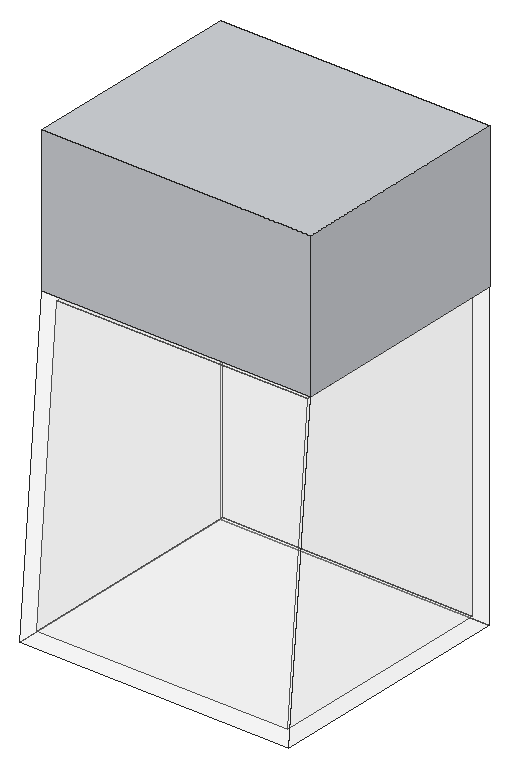
Revit family "f39d6acf227342f0947856ac62c1b2e8", category Air Terminals, Revit 2021
Family settings
  Round Connector Dimension = Use Diameter
  Part Type = Normal
  OmniClass Number = 23.40.70.11.11.11.14
  OmniClass Title = Laboratory Fume Hoods
  Seek Item ID = Fume Hood - Bench - Ductless-0000-USA-ENU
  Work Plane-Based = No
  Always vertical = Yes
  Cut with Voids When Loaded = No
  Shared = No
  Room Calculation Point = No
Parameters (values of type "30"x28"x50"")
  Voltage = 110 V
  Safety Glass = Glass
  Pressure Drop [instance] = 0.50 in-wg
  Number of Poles = 1
  Min Flow = 102 CFM
  Max Flow = 138 CFM
  Load Classification = Cooling
  Hood Material = none
  Hood Length = 2' - 6"
  Default Elevation = 0' - 0"
  Apparent Load = 270 VA
  Air Flow [instance] = 138 CFM
Types (4): name | Safety Glass | Pressure Drop | Hood Length
  (no name) | Glass | 0.50 in-wg | 2' - 6"
  30"x28"x50" | Glass | 0.50 in-wg | 2' - 6"
  42"x28"x50" | none | 0.00 in-wg | 3' - 6"
  54"x28"x50" | none | 0.00 in-wg | 4' - 6"
Reference planes (in)
  plane 1 "Center (Front/Back)": y = 0
  plane 2: z = 0
  plane 3 "Center (Left/Right)": x = 0
  plane 4: y = 14
  plane 5: y = -14
  plane 6: z = 50
  plane 7: z = 33.875
  plane 8: y = -11
  plane 9: x = -15
  plane 10: x = 15
  plane 11: x = -14
  plane 12: x = 14
Forms (in)
  Extrusion 1, solid, material "Glass" <- "Safety Glass"
    sketch origin (0, 0, 0) x (0, 1, 0) y (0, 0, 1)
      loop
        line (14, 33.875) -> (-11, 33.875) -> (-14, 0) -> (14, 0) -> (14, 33.875)
    from -15 to 15
  Extrusion 2, void
    sketch origin (0, 0, 0) x (0, 1, 0) y (0, 0, 1)
      loop
        line (13, 32.875) -> (-10.08465, 32.875) -> (-12.90753, 1) -> (13, 1) -> (13, 32.875)
    from -14 to 14
  Extrusion 3, solid
    sketch origin (0, 0, 0) x (0, 1, 0) y (0, 0, 1)
      loop
        line (14, 50) -> (-11, 50) -> (-11, 33.875) -> (14, 33.875) -> (14, 50)
    from -15 to 15
Cuts and joins
  Extrusion 2 cuts Extrusion 1
Dimensions and locks (in)
  equal spacing: plane 4, plane 1 "Center (Front/Back)", plane 5
  locked: plane 4 to plane 5 at 28
  locked: plane 6 to plane 2 at 50
  locked: plane 6 to plane 7 at 16.125
  locked: plane 4 to plane 8 at 25
  equal spacing: plane 9, plane 3 "Center (Left/Right)", plane 10
  "Hood Length": plane 9 to plane 10
  locked: plane 9 to plane 11 at 1
  locked: plane 12 to plane 10 at 1
  locked: plane 7 to Extrusion 2 sketch curve at 1
  locked: plane 2 to Extrusion 2 sketch curve at 1
  locked: plane 4 to Extrusion 2 sketch curve at 1
  locked: Extrusion 2 sketch curve to Extrusion 1 at 1
  aligned and locked: Extrusion 1 sketch curve to plane 4
  aligned and locked: plane 2 to Extrusion 1 sketch curve
  aligned and locked: plane 7 to Extrusion 1 sketch curve
  aligned and locked: plane 8 to Extrusion 1 sketch curve
  aligned and locked: Extrusion 1 to plane 9
  aligned and locked: Extrusion 1 to plane 10
  aligned and locked: cut or joined group of Extrusion 1, Extrusion 2 to plane 11
  aligned and locked: plane 12 to cut or joined group of Extrusion 1, Extrusion 2
  aligned and locked: Extrusion 1 sketch curve to plane 7
  aligned and locked: plane 4 to Extrusion 3 sketch curve
  aligned and locked: plane 6 to Extrusion 3 sketch curve
  aligned and locked: Extrusion 3 sketch curve to cut or joined group of Extrusion 1, Extrusion 2
  aligned and locked: plane 7 to Extrusion 3 sketch curve
  aligned and locked: Extrusion 3 to plane 9
  aligned and locked: Extrusion 3 to plane 10
Automatic sketch dimensions
  Extrusion 1 sketch curve to plane 5 = 0' - 0"
  Extrusion 1 sketch curve to plane 8 = 0' - 0"
Connectors (in)
  electrical at (0, -11, 41.9375), driven by "Apparent Load", driven by "Voltage", driven by "Number of Poles", driven by "Load Classification"
    settings: on Extrusion 1, index 2, voltage 110 V, apparent load 270 VA, apparent load phase1 0 VA, apparent load phase2 0 VA, apparent load phase3 0 VA, power factor 0.8, load classification "Cooling", number of poles 1, system type 30, power factor state 1, is connector primary yes, connector utility no, sub classification motor no, connector description ""
  hvac at (0, 1.5, 50), driven by "Air Flow", driven by "Pressure Drop"
    settings: on Extrusion 3, index 3, duct flow 138 CFM, flow factor 0, pres drop 0.50 in-wg, loss coef 0, conn angle 0.00°, conn width 12", conn height 12", conn diameter 10", duct sys type 3, conn prof type 0, flow config 1, flow direction 2, loss method 4, conn ref index -1, conn util no, is conn primary yes, conn desc ""
